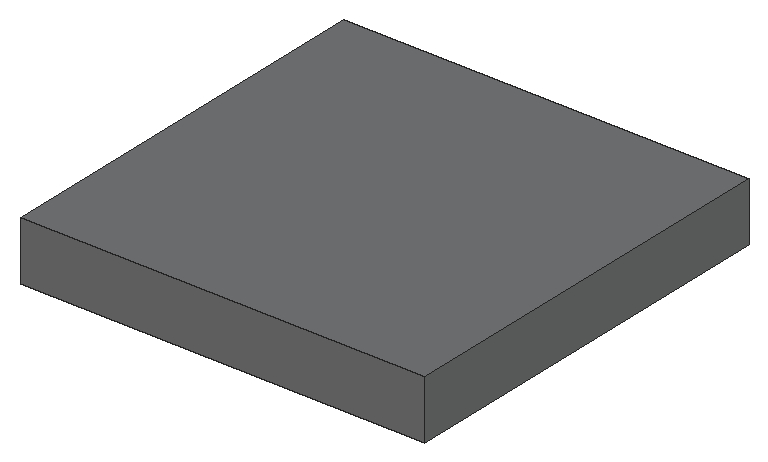
Revit family "Gira_536327", category Electrical Fixtures, host Face, Revit 2017
Family settings
  Host = Face
  Maintain Annotation Orientation = No
  Round Connector Dimension = Use Diameter
  Part Type = Normal
  Cut with Voids When Loaded = No
  Shared = No
  Room Calculation Point = No
Parameters (values of type "S3000 Bedienaufs. Memory System 55 Reinweiß m")
  Werkstoffgüte = "sonstige"
  Werkstoff = "sonstige"
  URL = "http://katalog.gira.de/de_DE/datenblatt.html?artikelnr=536327"
  Transparent = "No"
  Region = "DE"
  RAL-Nummer (ähnlich) = "9010 "
  Oberfläche = "sonstige"
  Name = "S3000 Bedienaufs. Memory System 55 Reinweiß m"
  Mit LED-Anzeige = "No"
  Mit Abdeckung = "Yes"
  Manufacturer URL = "https://www.gira.de/"
  Keynote = "Sys55_Abdeckung_Schalten und Tasten"
  HeinzeBIM = "https://bimportal.heinze.de/bim/s3000-bedienaufs-memory-system-55-reinweiss-m/9a8e322e7475112b0681f63372aa990bbaadea7e"
  Halogenfrei = "Yes"
  HAN = "536327"
  Geeignet für Schalteinsatz = "No"
  Geeignet für Jalousieeinsatz = "Yes"
  Geeignet für Dimmeinsatz = "No"
  GTIN = "4010337027379"
  Farbe = "weiß"
  Default Elevation = 1219.2 mm
  Data sheet (1) = "https://katalog.gira.de/de_DE/download.html?artikelnr=536327"
  Category = "Bedienelement intelligent"
  Available = "Yes"
  Ausführung der Oberfläche = "matt"
  Anzahl der Tasten = "2 "
  Anzahl der Betätigungspunkte = "4 "
  Anwendung = "Steuern elektrischer Verbraucher"
  Anthrazit [instance] = Anthrazit
Reference planes
  plane 1 "Center (Front/Back)": y = 0
  plane 2: z = 0
  plane 3 "Center (Left/Right)": x = 0
Forms (mm)
  Extrusion 1, solid, material "Anthrazit" <- "Anthrazit", detail levels fine
    sketch origin (0, 0, 0) x (1, 0, 0) y (0, 1, 0)
      loop
        line (-27.5, 27.5) -> (-27.5, -27.5) -> (27.5, -27.5) -> (27.5, 27.5) -> (-27.5, 27.5)
    from 0 to 8
  Extrusion 2, void
    sketch origin (0, 0, 0) x (1, 0, 0) y (0, 1, 0)
      loop
        line (26, 26) -> (-26, 26) -> (-26, -26) -> (26, -26) -> (26, 26)
    from 0 to 6
  Extrusion 3, solid, material "Anthrazit" <- "Anthrazit", detail levels medium
    sketch origin (0, 0, 0) x (1, 0, 0) y (0, 1, 0)
      loop
        line (-27.5, 27.5) -> (-27.5, -27.5) -> (27.5, -27.5) -> (27.5, 27.5) -> (-27.5, 27.5)
    from 0 to 8
  Extrusion 4, solid, material "Anthrazit" <- "Anthrazit", detail levels medium
    sketch origin (0, 0, 0) x (1, 0, 0) y (0, 1, 0)
      loop
        line (11, -17.5) -> (11, 17.5) -> (-11, 17.5) -> (-11, -17.5) -> (11, -17.5)
    from -6 to 6
  Extrusion 5, solid, material "Anthrazit" <- "Anthrazit", detail levels fine
    sketch origin (0, 0, 0) x (1, 0, 0) y (0, 1, 0)
      loop
        line (11, 17.5) -> (-11, 17.5) -> (-11, 16.5) -> (11, 16.5) -> (11, 17.5)
      loop
        line (-11, -16.5) -> (-11, -17.5) -> (11, -17.5) -> (11, -16.5) -> (-11, -16.5)
    from -4 to 6
  Extrusion 6, solid, material "Anthrazit" <- "Anthrazit", detail levels fine
    sketch origin (0, 0, 0) x (1, 0, 0) y (0, 1, 0)
      loop
        arc (5, 9.347) -> (0, 10.6) -> (-5, 9.347) r 10.6
        line (-5, 9.347) -> (-5, -9.347)
        arc (-5, -9.347) -> (0, -10.6) -> (5, -9.347) r 10.6
        line (5, -9.347) -> (5, 9.347)
    from -6 to 6
  Extrusion 7, solid, material "Anthrazit" <- "Anthrazit", detail levels coarse
    sketch origin (0, 0, 0) x (1, 0, 0) y (0, 1, 0)
      loop
        line (-27.5, 27.5) -> (-27.5, -27.5) -> (27.5, -27.5) -> (27.5, 27.5) -> (-27.5, 27.5)
    from -6 to 8
Cuts and joins
  Extrusion 2 cuts Extrusion 1
Dimensions and locks
  aligned and locked: plane 2 to host face
  aligned and locked: level to host face
